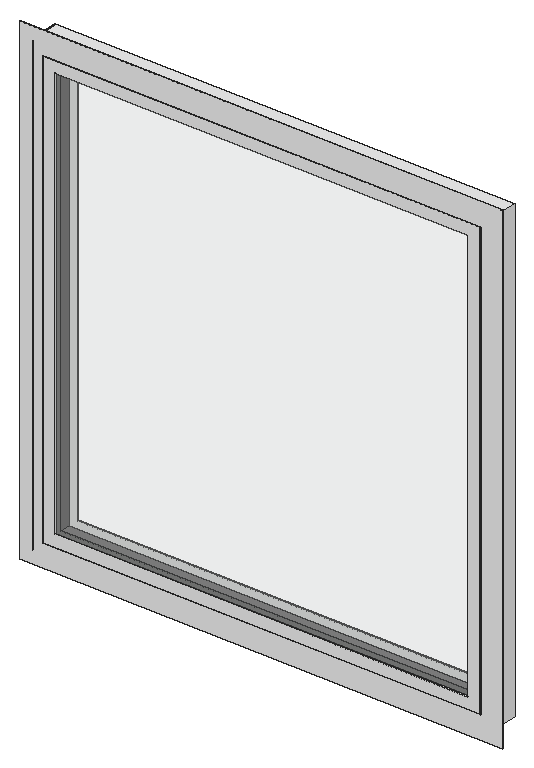
Revit family "Casement_38_C_Side_Hung_Custom", category Windows, host Wall, Revit 2014
Parameters (values of type "Casement_Sash_DG")
  Width Sash [instance] = 30 mm
  Width Sash Inner = 15 mm
  Width Bead = 15 mm
  Top Hung [instance] = yes
  Side Hung Right [instance] = yes
  Side Hung Left [instance] = yes
  Sash Opening Width [instance] = 600 mm
  Sash Opening Height [instance] = 600.312 mm
  Sash Lip = 15 mm
  Glazing Material [instance] = Glass
  DG Start Piece 2 [instance] = DG End Piece 1 + DG Gasket Thickness  # 25 mm
  DG Start Peice 1 [instance] = (Depth Sash - (2 * DG Glazing Thickness) - DG Gasket Thickness) / 2  # 6.6 mm
  Glazing Offset = 5 mm
  DG Glazing Thickness [instance] = 6.4 mm
  DG Gasket Thickness = 12 mm  # constant formula
  DG Gasket Material [instance] = Double Glazing Gasket Material
  DG End Piece 2 [instance] = DG Start Piece 2 + DG Glazing Thickness  # 31.4 mm
  DG End Piece 1 [instance] = DG Start Peice 1 + DG Glazing Thickness  # 13 mm
  Depth Sash [instance] = 38 mm
  Center Vertical Sash [instance] = Sash Opening Height / 2  # 300.156 mm
  Center Horizontal Sash [instance] = Sash Opening Width / 2  # 300 mm
  Bottom Hung [instance] = yes
  Bead Offset = 15 mm
  Aluminium Thickness = 1 mm
  Aluminium Material [instance] = White Powder Coated Aluminium
Reference planes
  plane 1 "Center (Front/Back)": y = 0
  plane 2: z = 0
  plane 3 "Center (Left/Right)": x = 0
Forms (mm)
  Sweep 1, solid, material "White Powder Coated Aluminium" <- "Aluminium Material"
    path origin (16.177, 0, 121.331) x (1, 0, 0) y (0, 0, 1)
      loop
        line (0, 0) -> (600, 0) -> (600, 600.312) -> (0, 600.312) -> (0, 0)
    profile origin (316.177, 0, 121.331) x (0, 0, 1) y (0, -1, 0)
      loop
        line (0, 0) -> (30, 0) -> (30, 1) -> (15, 1) -> (15, 38) -> (-15, 38) -> (-15, 37) -> (0, 37) -> (0, 0)
      loop
        line (14, 1) -> (14, 37) -> (1, 37) -> (1, 1) -> (14, 1)
  Sweep 2, solid, material "White Powder Coated Aluminium" <- "Aluminium Material"
    path origin (0, 0, 0) x (1, 0, 0) y (0, 0, 1)
      loop
        line (31.177, 706.643) -> (31.177, 136.331) -> (601.177, 136.331) -> (601.177, 706.643) -> (31.177, 706.643)
    profile origin (316.177, 0, 706.643) x (0, 0, 1) y (0, -1, 0)
      loop
        line (0, 37) -> (0, 38) -> (-15, 38) -> (-15, 37) -> (0, 37)
  Extrusion 3, solid, material "Glass" <- "Glazing Material"
    sketch origin (0, 0, 0) x (1, 0, 0) y (0, 0, 1)
      loop
        line (36.177, 701.643) -> (36.177, 141.331) -> (596.177, 141.331) -> (596.177, 701.643) -> (36.177, 701.643)
    from 6.6 <- "DG Start Peice 1" to 13 <- "DG End Piece 1"
  Extrusion 4, solid, material "Glass" <- "Glazing Material"
    sketch origin (0, 0, 0) x (1, 0, 0) y (0, 0, 1)
      loop
        line (36.177, 701.643) -> (36.177, 141.331) -> (596.177, 141.331) -> (596.177, 701.643) -> (36.177, 701.643)
    from 31.4 <- "DG End Piece 2" to 25 <- "DG Start Piece 2"
  Sweep 5, solid, material "Double Glazing Gasket Material" <- "DG Gasket Material"
    path origin (0, -13, 0) x (1, 0, 0) y (0, 0, 1)
      loop
        line (36.177, 701.643) -> (36.177, 141.331) -> (596.177, 141.331) -> (596.177, 701.643) -> (36.177, 701.643)
    profile origin (316.177, -13, 701.643) x (0, 0, 1) y (0, -1, 0)
      loop
        line (0, 0) -> (0, 12) -> (-7.96, 12) -> (-7.96, 0) -> (0, 0)
Lines and regions (mm)
  model lines
    curve 1: line (1.177, -38, 736.643) -> (31.177, -38, 706.643)
    curve 2: line (601.177, -38, 706.643) -> (631.177, -38, 736.643)
    curve 3: line (601.177, -38, 136.331) -> (631.177, -38, 106.331)
    curve 4: line (1.177, -38, 106.331) -> (31.177, -38, 136.331)
    curve 5: line (631.177, -37, 736.643) -> (616.177, -37, 721.643)
    curve 6: line (1.177, -37, 736.643) -> (16.177, -37, 721.643)
    curve 7: line (1.177, -37, 106.331) -> (16.177, -37, 121.331)
    curve 8: line (631.177, -37, 106.331) -> (616.177, -37, 121.331)
    curve 9: line (616.177, 0, 121.331) -> (586.177, 0, 151.331)
    curve 10: line (46.177, 0, 151.331) -> (16.177, 0, 121.331)
    curve 11: line (616.177, 0, 721.643) -> (586.177, 0, 691.643)
    curve 12: line (46.177, 0, 691.643) -> (16.177, 0, 721.643)
    curve 13: line (31.177, -38, 691.643) -> (46.177, -38, 691.643)
    curve 14: line (586.177, -38, 691.643) -> (601.177, -38, 691.643)
    curve 15: line (586.177, -38, 151.331) -> (601.177, -38, 151.331)
    curve 16: line (31.177, -38, 151.331) -> (46.177, -38, 151.331)
  model lines, style "GenericModelHiddenLines", visible <- "Top Hung"
    curve 17: line (46.386, -31.4, 690.914) -> (316.177, -31.4, 151.331)
    curve 18: line (316.177, -31.4, 151.331) -> (586.177, -31.4, 691.331)
  model lines, style "GenericModelHiddenLines", visible <- "Bottom Hung"
    curve 19: line (46.177, -31.4, 151.331) -> (316.177, -31.4, 691.331)
    curve 20: line (316.177, -31.4, 691.331) -> (586.177, -31.4, 151.331)
  model lines, style "GenericModelHiddenLines", visible <- "Side Hung Left"
    curve 21: line (46.386, -31.4, 690.914) -> (585.24, -31.4, 421.487)
    curve 22: line (585.24, -31.4, 421.487) -> (46.177, -31.4, 151.331)
  model lines, style "GenericModelHiddenLines", visible <- "Side Hung Right"
    curve 23: line (586.177, -31.4, 691.331) -> (46.177, -31.4, 421.487)
    curve 24: line (46.177, -31.4, 421.487) -> (586.177, -31.4, 151.331)
Dimensions and locks
  "Aluminium Thickness": Sweep 1 sketch curve to Sweep 1 sketch curve  (x4)
  "Depth Sash": Sweep 1 sketch curve to Sweep 1 sketch curve
  "Sash Opening Width": Sweep 1 to Sweep 1
  "Sash Opening Height": Sweep 1 to Sweep 1
  "Width Sash": Sweep 1 sketch curve to Sweep 1 sketch curve  (x2)
  "Width Sash Inner": Sweep 1 sketch curve to Sweep 1 sketch curve
  "Sash Lip": Sweep 1 sketch curve to Sweep 1 sketch curve
  "Aluminium Thickness": Sweep 1 to Sweep 2 sketch curve
  "Glazing Offset": Sweep 2 to Extrusion 3 sketch curve  (x3)
  "Glazing Offset": Extrusion 3 sketch curve to Sweep 2
  Sweep 1 to Sweep 1 = 1 mm
  "Aluminium Thickness": Sweep 2 sketch curve to Sweep 2 sketch curve
  "Width Bead": Sweep 2 sketch curve to Sweep 2 sketch curve
  locked: Sweep 5 sketch curve to Sweep 5 sketch curve at 7.96
  "Center Horizontal Sash": Sweep 1 to curve 18
  "Center Horizontal Sash": Sweep 1 to curve 20
  "Center Vertical Sash": Sweep 1 to curve 22
  "Center Vertical Sash": Sweep 1 to curve 24
  aligned and locked: level to plane 2
  aligned and locked: Sweep 1 sketch curve to Sweep 1 sketch curve  (x2)
  aligned and locked: Sweep 2 sketch curve to Sweep 1  (x5)
  aligned and locked: Extrusion 4 sketch curve to Extrusion 3  (x4)
  aligned and locked: Sweep 5 sketch curve to Extrusion 3  (x5)
  aligned and locked: Extrusion 3 to Sweep 5 sketch curve
Automatic sketch dimensions
  plane 3 "Center (Left/Right)" to Sweep 1 sketch curve = 16.177 mm
  level to Sweep 1 sketch curve = 121.331 mm
  plane 3 "Center (Left/Right)" to Sweep 1 sketch curve = 616.177 mm
  level to Sweep 1 sketch curve = 721.643 mm
  profile plane to Sweep 5 sketch curve = 12 mm
  curve 7 to Sweep 1 = 0 mm  (x4)
  curve 6 to Sweep 1 = 0 mm  (x3)
  Sweep 1 to curve 6 = 0 mm
  curve 5 to Sweep 1 = 0 mm  (x3)
  curve 8 to Sweep 1 = 0 mm  (x4)
  Sweep 1 to curve 5 = 0 mm
  curve 16 to Sweep 2 = 0 mm  (x3)
  curve 13 to Sweep 2 = 0 mm  (x3)
  curve 15 to Sweep 2 = 0 mm
  Sweep 2 to curve 15 = 0 mm  (x2)
  curve 14 to Sweep 2 = 0 mm  (x2)
  Sweep 2 to curve 14 = 0 mm
  curve 1 to Sweep 1 = 0 mm  (x4)
  curve 4 to Sweep 1 = 0 mm  (x3)
  Sweep 1 to curve 4 = 0 mm
  curve 3 to Sweep 1 = 0 mm  (x3)
  curve 2 to Sweep 1 = 0 mm  (x4)
  Sweep 1 to curve 3 = 0 mm
  curve 10 to Sweep 1 = 0 mm  (x4)
  curve 12 to Sweep 1 = 0 mm  (x3)
  Sweep 1 to curve 12 = 0 mm
  curve 9 to Sweep 1 = 0 mm  (x4)
  curve 11 to Sweep 1 = 0 mm  (x3)
  Sweep 1 to curve 11 = 0 mm
  Sweep 1 sketch curve to plane 1 "Center (Front/Back)" = 0 mm
  profile plane to Sweep 1 sketch curve = 0 mm
  curve 21 to Extrusion 4 = 10.208 mm
  curve 19 to Extrusion 4 = 10 mm
  curve 23 to Extrusion 4 = 10 mm  (x2)
  curve 22 to Extrusion 4 = 10.937 mm
  curve 20 to Extrusion 4 = 10 mm
  curve 24 to Extrusion 4 = 10 mm
  curve 22 to Extrusion 4 = 10 mm
  curve 18 to Extrusion 4 = 10 mm
  curve 21 to Extrusion 4 = 10.729 mm
  curve 19 to Extrusion 4 = 10.312 mm
  curve 18 to Extrusion 4 = 10.312 mm
